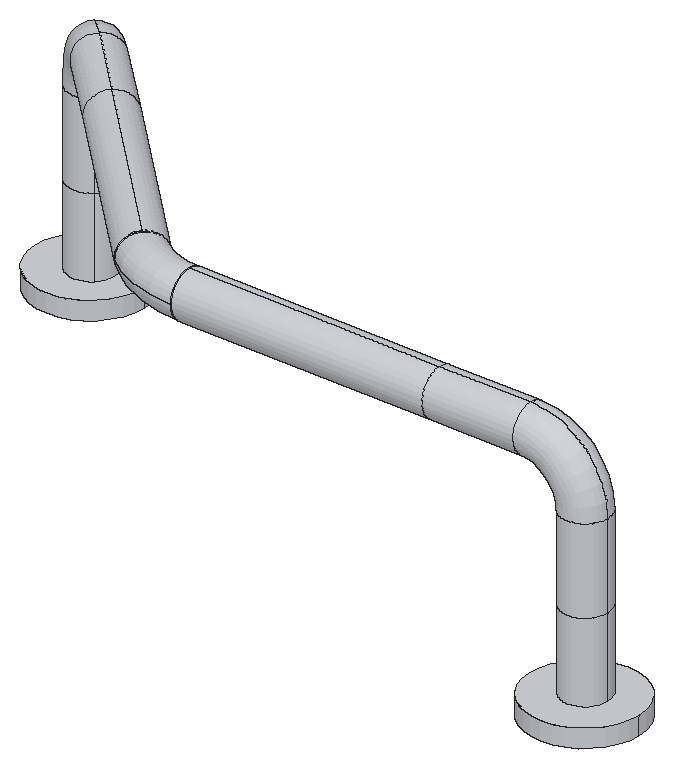
Revit family "Barra curva HJ2005501", category Generic Models, host Face, Revit 2014
Parameters
  MODELO = "BARRA CURVA"
  MARCA = "WASSER"
  EMPRESA = "CHC COMERCIAL HISPANO CHILENA"
  Default Elevation = 1219.2 mm
  DIMENSIONES = ""
  CÓDIGO = "HJ2005501"
  ACCESORIO = "BARRA"
Reference planes
  plane 1 "Center (Front/Back)": y = 0
  plane 2: z = 0
  plane 3 "Center (Left/Right)": x = 0
  plane 4: y = 110
  plane 5: y = -110
  plane 6: x = -241.121
  plane 7: x = 220
  plane 8: x = -30
  plane 9: z = 130
  plane 10: x = 151.016
  plane 11: x = 176.016
  plane 12: z = 118.401
  plane 13: x = 1.016
  plane 14: z = 13.401
Forms (mm)
  Extrusion 1, solid
    sketch origin (-17.895, 18.961, 0) x (1, 0, 0) y (0, 1, 0)
      loop
        circle (207.025, -98.961) r 30
    from 0 to 10
  Extrusion 2, solid
    sketch origin (-418.146, 178.961, 0) x (1, 0, 0) y (0, 1, 0)
      loop
        circle (207.025, -98.961) r 30
    from 0 to 10
  Sweep 3, solid
    path in 3D
      loop
        line (-29.807, -78.613, 130) -> (108.396, -78.613, 130) -> (158.396, -78.613, 130)
        arc (158.396, -78.613, 130) -> (179.61, -78.613, 121.213) -> (188.396, -78.613, 100) r 30
        line (188.396, -78.613, 100) -> (188.396, -78.613, 53.605) -> (188.396, -78.613, 10)
    profile origin (188.396, -78.613, 31.802) x (1, 0, 0) y (0, 1, 0)
      loop
        circle (0, 0) r 12.5
  Sweep 4, solid
    path in 3D
      loop
        arc (-29.807, -78.613, 130) -> (-49.069, -75.13, 130) -> (-65.89, -65.122, 130) r 55
    profile origin (-49.069, -75.13, 130) x (-0.350207, -0.936672, 0) y (0, 0, 1)
      loop
        circle (0, 0) r 12.5
  Sweep 5, solid
    path in 3D
      loop
        line (-65.138, -65.822, 130.031) -> (-153.493, 23.042, 130.031) -> (-188.746, 58.499, 130.031)
        arc (-188.746, 58.499, 130.031) -> (-203.703, 73.542, 121.244) -> (-209.899, 79.773, 100.031) r 30
        line (-209.899, 79.773, 100.031) -> (-209.899, 79.773, 53.636) -> (-209.899, 79.773, 10.031)
    profile origin (-209.899, 79.773, 31.833) x (1, 0, 0) y (0, 1, 0)
      loop
        circle (0, 0) r 12.5
Lines and regions (mm)
  sketch lines
    curve 1: line (188.396, -78.613, 53.605) -> (188.396, -78.613, 10)
    curve 2: line (188.396, -78.613, 100) -> (188.396, -78.613, 53.605)
    curve 3: arc (158.396, -78.613, 130) -> (179.61, -78.613, 121.213) -> (188.396, -78.613, 100) r 30
    curve 4: line (108.396, -78.613, 130) -> (158.396, -78.613, 130)
    curve 5: line (-29.807, -78.613, 130) -> (108.396, -78.613, 130)
    curve 6: arc (-29.807, -78.613, 130) -> (-49.069, -75.13, 130) -> (-65.89, -65.122, 130) r 55
    curve 7: line (-209.899, 79.773, 53.636) -> (-209.899, 79.773, 10.031)
    curve 8: line (-209.899, 79.773, 100.031) -> (-209.899, 79.773, 53.636)
    curve 9: arc (-188.746, 58.499, 130.031) -> (-203.703, 73.542, 121.244) -> (-209.899, 79.773, 100.031) r 30
    curve 10: line (-153.493, 23.042, 130.031) -> (-188.746, 58.499, 130.031)
    curve 11: line (-65.138, -65.822, 130.031) -> (-153.493, 23.042, 130.031)
Dimensions and locks
  aligned and locked: plane 2 to host face
  aligned and locked: level to host face
